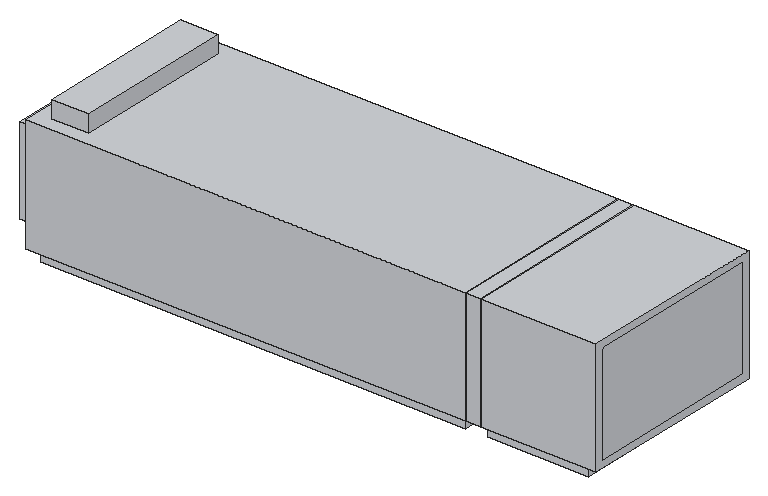
Revit family "Metric WinTADS Template 5", category Mechanical Equipment, Revit 2017
Family settings
  Round Connector Dimension = Use Diameter
  Part Type = Normal
  OmniClass Number = 23.75.00.00
  OmniClass Title = Climate Control (HVAC)
  Work Plane-Based = No
  Always vertical = Yes
  Cut with Voids When Loaded = No
  Shared = No
  Room Calculation Point = No
Parameters
  Mass = 484.985 kg
Reference planes
  plane 1 "Center (Front/Back)": y = 0
  plane 2: z = 0
  plane 3 "Center (Left/Right)": x = 0
Forms (mm)
  Extrusion 1, solid
    sketch origin (0, 0, 0) x (1, 0, 0) y (0, 1, 0)
      loop
        line (-110, 1128) -> (-110, 90) -> (0, 90) -> (0, 1128) -> (-110, 1128)
    from 90 to 648
  Extrusion 2, solid
    sketch origin (0, 0, 0) x (1, 0, 0) y (0, 1, 0)
      loop
        line (90, 1128) -> (90, 90) -> (328, 90) -> (328, 1128) -> (90, 1128)
    from 738 to 848
  Extrusion 3, solid
    sketch origin (0, 0, 0) x (1, 0, 0) y (0, 1, 0)
      loop
        line (3653.543, 1169) -> (3653.543, 49) -> (3654.457, 49) -> (3654.457, 1169) -> (3653.543, 1169)
    from 49 to 689
  Extrusion 4, solid
    sketch origin (0, 0, 0) x (1, 0, 0) y (0, 1, 0)
      loop
        line (0, 1218) -> (0, 0) -> (2818, 0) -> (2818, 1218) -> (0, 1218)
    from 0 to 738
  Extrusion 5, solid
    sketch origin (0, 0, 0) x (1, 0, 0) y (0, 1, 0)
      loop
        line (2818, 1218) -> (2818, 0) -> (2916, 0) -> (2916, 1218) -> (2818, 1218)
    from 0 to 738
  Extrusion 6, solid
    sketch origin (0, 0, 0) x (1, 0, 0) y (0, 1, 0)
      loop
        line (2916, 1218) -> (2916, 0) -> (3654, 0) -> (3654, 1218) -> (2916, 1218)
    from 0 to 738
  Extrusion 7, solid
    sketch origin (0, 0, 0) x (1, 0, 0) y (0, 1, 0)
      loop
        line (69, 75.5) -> (69, 26.5) -> (2798, 26.5) -> (2798, 75.5) -> (69, 75.5)
    from -62 to 0
  Extrusion 8, solid
    sketch origin (0, 0, 0) x (1, 0, 0) y (0, 1, 0)
      loop
        line (69, 1191.5) -> (69, 1142.5) -> (2798, 1142.5) -> (2798, 1191.5) -> (69, 1191.5)
    from -62 to 0
  Extrusion 9, solid
    sketch origin (0, 0, 0) x (1, 0, 0) y (0, 1, 0)
      loop
        line (69, 1142.5) -> (69, 75.5) -> (118, 75.5) -> (118, 1142.5) -> (69, 1142.5)
    from -62 to 0
  Extrusion 10, solid
    sketch origin (0, 0, 0) x (1, 0, 0) y (0, 1, 0)
      loop
        line (2749, 1142.5) -> (2749, 75.5) -> (2798, 75.5) -> (2798, 1142.5) -> (2749, 1142.5)
    from -62 to 0
  Extrusion 11, solid
    sketch origin (0, 0, 0) x (1, 0, 0) y (0, 1, 0)
      loop
        line (2936, 75.5) -> (2936, 26.5) -> (3585, 26.5) -> (3585, 75.5) -> (2936, 75.5)
    from -62 to 0
  Extrusion 12, solid
    sketch origin (0, 0, 0) x (1, 0, 0) y (0, 1, 0)
      loop
        line (2936, 1191.5) -> (2936, 1142.5) -> (3585, 1142.5) -> (3585, 1191.5) -> (2936, 1191.5)
    from -62 to 0
  Extrusion 13, solid
    sketch origin (0, 0, 0) x (1, 0, 0) y (0, 1, 0)
      loop
        line (2936, 1142.5) -> (2936, 75.5) -> (2985, 75.5) -> (2985, 1142.5) -> (2936, 1142.5)
    from -62 to 0
  Extrusion 14, solid
    sketch origin (0, 0, 0) x (1, 0, 0) y (0, 1, 0)
      loop
        line (3536, 1142.5) -> (3536, 75.5) -> (3585, 75.5) -> (3585, 1142.5) -> (3536, 1142.5)
    from -62 to 0
Dimensions and locks
  aligned and locked: level to plane 2
Connectors
  hvac at (209, 609, 848)
    settings: on Extrusion 2, index 6, duct flow 972.222 L/s, flow factor 0, pres drop 9.8693 Pa, loss coef 0, conn angle 0.00°, conn width 238 mm, conn height 1038 mm, conn diameter 609.6 mm, duct sys type 1, conn prof type 1, flow config 0, flow direction 1, loss method 4, conn ref index -1, conn util no, is conn primary yes, conn desc ""
  hvac at (3654.457, 609, 369)
    settings: on Extrusion 3, index 31, duct flow 972.222 L/s, flow factor 0, pres drop 2.0 Pa, loss coef 0, conn angle 0.00°, conn width 1120 mm, conn height 640 mm, conn diameter 609.6 mm, duct sys type 1, conn prof type 1, flow config 0, flow direction 2, loss method 4, conn ref index -1, conn util no, is conn primary no, conn desc ""
  hvac at (-110, 609, 369)
    settings: on Extrusion 1, index 35, duct flow 972.222 L/s, flow factor 0, pres drop 1.89858 Pa, loss coef 0, conn angle 0.00°, conn width 1038 mm, conn height 558 mm, conn diameter 609.6 mm, duct sys type 1, conn prof type 1, flow config 0, flow direction 1, loss method 4, conn ref index -1, conn util no, is conn primary no, conn desc ""
